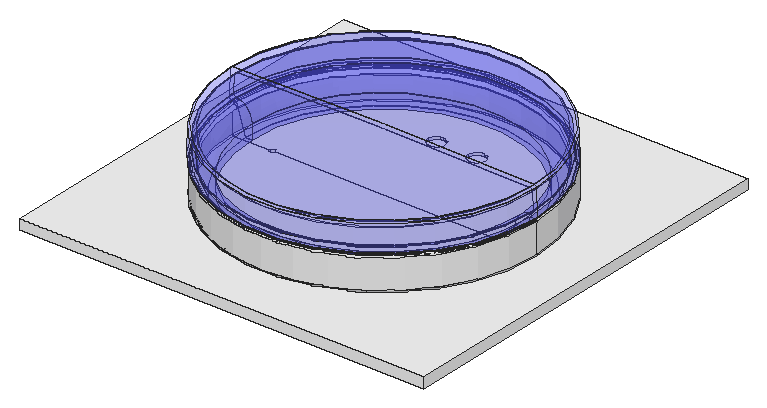
Revit family "BE_12131.1_de_DE", category Leuchten, Revit 2015
Parameters (values of type "BEGA_12131.1_K4")
  built-in parameter 1150104 = 11.113 (stored number, unit not read)
  Wattage = 26 W
  Default Elevation = 0 mm
  built-in parameter 1150113 = 1 (stored number, unit not read)
  built-in parameter 1114218 = 1 (stored number, unit not read)
  Umgebungstemperatur = ""
  URL = "http://www.bega.de/produkt/12131.1"
  Typenkommentare = "© 2017 BEGA. Wir behalten uns das Recht vor, technische Änderungen ohne vorherige Ankündigung vorzunehmen."  # constant formula
  built-in parameter 1150134 = 12
  built-in parameter 1150109 = 1 (stored number, unit not read)
  Strom = ""
  built-in parameter 1150110 = 1 (stored number, unit not read)
  Spannung = 239.996 V
  Sonderanfertigung = no
  Seriennummer [instance] = "Hier können Sie die eindeutige Seriennummer für das Facility Management eintragen."
  Schutzklasse = "I"
  Schutzart = "IP 65"
  Scheinlast = 0 VA
  Produktdatenblatt = "http://www.bega.de/download/Xrfa/db/12131.1.db.de.pdf"
  Oberflächentemperatur = ""
  Neigungswinkel = 0.00°
  Modell = "12131.1K4"
  Material_17 = BEGA_Reflektor
  Material_15 = BEGA_Leuchtmedium_matt
  Material_11 = BEGA_Glas_opal
  Material_09 = BEGA_Glas_klar
  Material_06 = BEGA_Oberfläche_Edelstahl_gebürstet
  Material_05 = BEGA_Oberfläche_Aluminium Guss
  Material_03 = BEGA_Oberfläche_Weiss_matt
  Material_02 = BEGA_Oberfläche_Silber_matt
  Material_01 [instance] = BEGA_Oberfläche_Grafit_matt
  M_W = no
  M_G = no
  M_A = no
  Logo = 0
  built-in parameter 1114217 = 1 (stored number, unit not read)
  built-in parameter 1150139 = (empty or 0)
  built-in parameter 1150105 = 247.5 (stored number, unit not read)
  built-in parameter 1150114 = 1 (stored number, unit not read)
  Lumens = 3110.12 lm
  built-in parameter 1150115 = 1 (stored number, unit not read)
  Leuchtenlichtstrom = "1702 lm"
  Leuchtenanzahl = ""
  Lebensdauerkriterien = "L70 = 50.000 h"
  Lastklassifizierung = Beleuchtung
  built-in parameter 1150112 = 1 (stored number, unit not read)
  Lampenlichtstrom = "3110 lm"
  Lampe = "LED 26 W"
  LED_Modulbezeichnung = "LED-0451/840 "
  Hersteller = "BEGA"  # constant formula
  Halbstreuwinkel = ""
  Gewicht = "6.2 kg"
  Gebrauchslageneinschränkung [instance] = ""
  Frequenz = "0/50-60 Hz"
  Farbwiedergabeindex = "Ra > 80"
  Farbtemperaturverschiebung bei Dämpfen der Lampe = <Keine Auswahl>
  Farbtemperatur = "4000 K"
  Color Filter = 16777215
  built-in parameter 1150133 = 10 (stored number, unit not read)
  Energieeffizienzklasse = "LED A++ - A"
  built-in parameter 1150137 = (empty or 0)
  built-in parameter 1150132 = (empty or 0)
  ENEC = "ja"
  Dimmbar [instance] = "DALI"
  Datei für fotometrisches Netz = "BE_12131K4.IES"
  CE_Konformität = "ja"
  Bestellnummer = "12131.1K4"
  Beschreibung_Sonderanfertigung = "Hier können Sie Informationen zur Sonderanfertigung eintragen."
  Beschreibung = "Decken- und Wandleuchte"
  built-in parameter 1150106 = 2.475 (stored number, unit not read)
  Befestigungsbohrung = "Ø 5,5 mm"
  Befestigungsabstand = "220 mm"
  Ballwurfsicher = ""
  BEGA_Intern_aus = yes
  BEGA_Intern_an = yes
  BEGA_Intern_Konstruktion = yes
  BEGA_Intern = yes
  BEGA_IES = yes
  BEGA_Dummy = no
  Anschlussleitung = ""
  Anschlussleistung [instance] = "31 W"
  Anschlusskasten = ""
  built-in parameter 1150107 = 4000 (stored number, unit not read)
  built-in parameter 1150102 = (empty or 0)
  built-in parameter 1150138 = (empty or 0)
  Aktualisierung = "2017-06-16T04:08:16"
  Abstand_zur_angestrahlten_Fläche [instance] = ""
  AC/DC = "AC/DC"
Types (2, lengths in mm): name | built-in parameter 1150104 | built-in parameter 1150134 | Modell | built-in parameter 1150105 | Lumens | Leuchtenlichtstrom | Lampenlichtstrom | LED_Modulbezeichnung | Farbtemperatur | Datei für fotometrisches Netz | Bestellnummer | built-in parameter 1150106 | built-in parameter 1150107
  BEGA_12131.1_K3 | 10.487 (stored number, unit not read) | (empty or 0) | "12131.1" | 233.55 (stored number, unit not read) | 2934.88 lm | "1607 lm" | "2935 lm" | "LED-0451/830 " | "3000 K" | "BE_12131.IES" | "12131.1" | 2.3355 (stored number, unit not read) | 3000 (stored number, unit not read)
  BEGA_12131.1_K4 | 11.113 (stored number, unit not read) | 12 | "12131.1K4" | 247.5 (stored number, unit not read) | 3110.12 lm | "1702 lm" | "3110 lm" | "LED-0451/840 " | "4000 K" | "BE_12131K4.IES" | "12131.1K4" | 2.475 (stored number, unit not read) | 4000 (stored number, unit not read)
Reference planes
  plane 1 "Mitte (Vorne/Hinten)": y = 0
  plane 2: z = 0
  plane 3 "Mitte (Links/Rechts)": x = 0
  plane 4 "Links": x = -152.499
  plane 5 "Rechts": x = 152.499
  plane 6 "Unten": y = -152.5
  plane 7 "Oben": y = 152.5
  plane 8 "Vorne": z = 66.498
  plane 9 "Hinten": z = 0
Forms (mm)
  Extrusion 1, solid, material "BEGA_Platte_Weiss"
    sketch origin (0, -1119.2, 0) x (1, 0, 0) y (0, 1, 0)
      loop
        line (-200, 1319.2) -> (-200, 919.2) -> (200, 919.2) -> (200, 1319.2) -> (-200, 1319.2)
    from 0 to -10
  Extrusion 2, solid, material "BEGA_Dummy_matt", visible <- "BEGA_Dummy"
    sketch origin (77.149, -76.023, 0) x (1, 0, 0) y (0, 1, 0)
      loop
        circle (-77.149, 76.023) r 152.499
    from 0 to 66.498
Dimensions and locks
  plane 1 "Mitte (Vorne/Hinten)" to Extrusion 1 = 200 mm
  aligned and locked: plane 2 to Extrusion 1
  aligned and locked: level to Extrusion 1
Nested families
  nested 1: "BE_12131.1" at (0, 0, 0), type "BE_12131.1"
Connectors
  electrical at (0, 0, 0), driven by "Lastklassifizierung", driven by "Spannung", driven by "Scheinlast"
    settings: index 1, voltage 239.996 V, apparent load 0 VA, apparent load phase1 0 VA, apparent load phase2 0 VA, apparent load phase3 0 VA, power factor 1, load classification "Beleuchtung", number of poles 1, system type 31, power factor state 1, is connector primary yes, connector utility no, sub classification motor no, connector description ""
Definition of nested family "BE_12131.1"
  Parameters (values of type "BE_12131.1")
    Default Elevation = 1 mm
    URL = "http://www.bega.de/de/produkt"
    Type Comments = "© 2015 BEGA. Wir behalten uns das Recht vor, technische Änderungen ohne vorherige Ankündigung vorzunehmen. "  # constant formula
    Type Image = (empty or 0)
    Neigungswinkel_um_Z2 = 0.00°
    Neigungswinkel_um_Z1 = 0.00°
    Neigungswinkel_um_Y2 = 0.00°
    Neigungswinkel_um_Y1 = 0.00°
    Neigungswinkel_um_X2 = 0.00°
    Neigungswinkel_um_X1 = 0.00°
    Material_17 = none
    Material_15 = none
    Material_11 = none
    Material_09 = none
    Material_06 = none
    Material_05 = none
    Material_03 = none
    Material_02 = none
    Material_01 = none
    M_W = yes
    M_G = yes
    M_A = yes
    Länge_Platte = 400 mm  # constant formula
    Höhe_Platte = -10 mm  # constant formula
    Manufacturer = "BEGA"  # constant formula
    Drehwinkel_um_Z2 = 0.00°
    Drehwinkel_um_Z1 = 0.00°
    Breite_Platte = 400 mm  # constant formula
  Reference planes
    plane 1 "Mitte (Oben/Unten)": y = 0
    plane 2: z = 0
    plane 3 "Mitte (Links/Rechts)": x = 0
    plane 4: x = -152.499
    plane 5: z = 66.498
    plane 6: x = 152.499
    plane 7: y = -152.5
    plane 8: y = 152.5
  Forms (mm)
    Extrusion 1, solid, detail levels medium
      sketch origin (0, 0, 0) x (1, 0, 0) y (0, 1, 0)
        loop
          line (-200, 200) -> (-200, -200) -> (200, -200) -> (200, 200) -> (-200, 200)
      from 0 to -10 <- "Höhe_Platte"
    Revolve 2, solid, material <- "Material_03", detail levels medium+fine
      sketch origin (0, 0, 0) x (1, 0, 0) y (0, 0, 1)
        loop
          arc (-151.35, 3.5) -> (-150.764, 2.086) -> (-149.35, 1.49) r 2
          line (-149.35, 1.49) -> (0, 1.49) -> (0, 3.5) -> (-149.15, 3.5)
          arc (-149.15, 3.5) -> (-149.857, 3.793) -> (-150.15, 4.5) r 1
          line (-150.15, 4.5) -> (-150.15, 33.002) -> (-145.799, 28.651) -> (-144.95, 29.499) -> (-149.043, 33.592)
          arc (-149.043, 33.592) -> (-149.482, 33.886) -> (-150, 33.99) r 1.35
          arc (-150, 33.99) -> (-150.953, 33.596) -> (-151.35, 32.645) r 1.35
          line (-151.35, 32.645) -> (-151.35, 3.5)
        axis (0, 1.49) -> (0, 33.99)
      angle from 0 to 360
    Revolve 3, solid, material <- "Material_03", detail levels medium+fine
      sketch origin (0, 0, 0) x (1, 0, 0) y (0, 0, 1)
        loop
          arc (-119.291, 0.446) -> (-118.533, 0.114) -> (-117.714, 0) r 3
          line (-117.714, 0) -> (-110, 0) -> (-110, 2.209) -> (-122.15, 2.209) -> (-119.291, 0.446)
        axis (-110, 0) -> (-110, 2.209)
      angle from 0 to 360
    Revolve 4, solid, material <- "Material_11", detail levels medium+fine
      sketch origin (0, 0, 0) x (1, 0, 0) y (0, 0, 1)
        loop
          arc (0, 66.498) -> (-74.821, 65.825) -> (-149.633, 64.54) r 9149.238
          arc (-149.633, 64.54) -> (-150.995, 63.965) -> (-151.589, 62.612) r 2
          line (-151.589, 62.612) -> (-152.499, 36.567)
          arc (-152.499, 36.567) -> (-151.938, 35.11) -> (-150.5, 34.5) r 2
          line (-150.5, 34.5) -> (-145, 34.5) -> (-136, 6) -> (-130, 6) -> (-130, 20.512)
          arc (-130, 20.512) -> (-134.491, 32.395) -> (-145.71, 38.354) r 18
          arc (-145.71, 38.354) -> (-147.612, 39.384) -> (-148.327, 41.426) r 3
          line (-148.327, 41.426) -> (-147.754, 57.545)
          arc (-147.754, 57.545) -> (-146.862, 59.577) -> (-144.818, 60.44) r 3
          arc (-144.818, 60.44) -> (-72.413, 61.655) -> (0, 62.297) r 9145.035
          line (0, 62.297) -> (0, 66.498)
        axis (0, 6) -> (0, 66.498)
      angle from 0 to 360
    Extrusion 5, void
      sketch origin (0, 0, 0) x (1, 0, 0) y (0, 1, 0)
        loop
          circle (-110, 0) r 2.75
        loop
          circle (110, 0) r 2.75
        loop
          circle (20, 90) r 8.507
        loop
          circle (-20, 90) r 8.507
      from 0 to 10
    Revolve 6, solid, material <- "Material_03", detail levels medium+fine
      sketch origin (0, 0, 0) x (-1, 0, 0) y (0, 0, -1)
        loop
          line (-119.291, -0.446) -> (-122.15, -2.209) -> (-110, -2.209) -> (-110, 0) -> (-117.714, 0)
          arc (-117.714, 0) -> (-118.533, -0.114) -> (-119.291, -0.446) r 3
        axis (-110, 0) -> (-110, -2.209)
      angle from 0 to 360
  Cuts and joins
    Extrusion 5 cuts Revolve 2
    Extrusion 5 cuts Revolve 3
    Extrusion 5 cuts Revolve 6
    joined: Revolve 2, Revolve 3, Revolve 6
  Dimensions and locks
    equal spacing: Extrusion 1 sketch curve, plane 3 "Mitte (Links/Rechts)", Extrusion 1 sketch curve
    equal spacing: Extrusion 1 sketch curve, plane 1 "Mitte (Oben/Unten)", Extrusion 1 sketch curve
    "Länge_Platte": Extrusion 1 sketch curve to Extrusion 1 sketch curve
    "Breite_Platte": Extrusion 1 sketch curve to Extrusion 1 sketch curve
    aligned and locked: Extrusion 1 to plane 2
    aligned and locked: level to Extrusion 1
  Automatic sketch dimensions
    Revolve 2 sketch curve to Revolve 2 sketch curve = 0 mm  (x9)
    Revolve 2 sketch curve to plane 3 "Mitte (Links/Rechts)" = 0 mm  (x2)
    Revolve 2 sketch curve to Revolve 2 sketch curve = 0.849 mm  (x2)
    Revolve 2 sketch curve to Revolve 2 sketch curve = 4.093 mm
    level to Revolve 2 sketch curve = 3.5 mm
    Revolve 2 sketch curve to Revolve 2 sketch curve = 0.2 mm
    Revolve 2 sketch curve to Revolve 2 sketch curve = 0.957 mm
    Revolve 2 sketch curve to Revolve 2 sketch curve = 0.15 mm  (x2)
    Revolve 2 sketch curve to Revolve 2 sketch curve = 1.2 mm
    level to Revolve 2 sketch curve = 1.49 mm
    Revolve 2 sketch curve to Revolve 2 sketch curve = 24.151 mm
    Revolve 2 sketch curve to Revolve 2 sketch curve = 3.989 mm
    Revolve 2 sketch curve to Revolve 2 sketch curve = 0.005 mm
    Revolve 2 sketch curve to Revolve 2 sketch curve = 0.362 mm
    Revolve 2 sketch curve to Revolve 2 sketch curve = 0.59 mm
    Revolve 2 sketch curve to level = 1.538 mm
    Revolve 2 sketch curve to Revolve 2 sketch curve = 1 mm
    Revolve 2 sketch curve to Revolve 2 sketch curve = 8.697 mm
    level to Revolve 3 sketch curve = 2.209 mm
    level to Revolve 3 sketch curve = 3 mm
    Revolve 3 sketch curve to Revolve 3 sketch curve = 4.435 mm
    Revolve 3 sketch curve to Revolve 3 sketch curve = 7.714 mm
    Revolve 3 sketch curve to level = 0 mm
    level to Revolve 3 sketch curve = 0.446 mm
    Revolve 3 sketch curve to Revolve 3 sketch curve = 1.577 mm
    Revolve 3 sketch curve to Revolve 3 sketch curve = 0.002 mm
    Revolve 3 sketch curve to Revolve 3 sketch curve = 0 mm
    Revolve 3 sketch curve to Revolve 3 sketch curve = 0.649 mm
    Revolve 3 sketch curve to Revolve 3 sketch curve = 0.587 mm
    Extrusion 5 sketch curve to plane 1 "Mitte (Oben/Unten)" = 0 mm  (x2)
    Extrusion 5 sketch curve to plane 3 "Mitte (Links/Rechts)" = 20 mm
    plane 3 "Mitte (Links/Rechts)" to Extrusion 5 sketch curve = 20 mm
    Extrusion 5 sketch curve to Extrusion 5 sketch curve = 0 mm
    Extrusion 5 sketch curve to Extrusion 5 sketch curve = 2.75 mm  (x2)
    level to Revolve 6 sketch curve = 2.209 mm
    level to Revolve 6 sketch curve = 3 mm
    Revolve 6 sketch curve to Revolve 6 sketch curve = 4.435 mm
    Revolve 6 sketch curve to Revolve 6 sketch curve = 7.714 mm
    Revolve 6 sketch curve to level = 0 mm
    level to Revolve 6 sketch curve = 0.446 mm
    Revolve 6 sketch curve to Revolve 6 sketch curve = 1.577 mm
    Revolve 6 sketch curve to Revolve 6 sketch curve = 0.002 mm
    Revolve 6 sketch curve to Revolve 6 sketch curve = 0 mm
    Revolve 6 sketch curve to Revolve 6 sketch curve = 0.587 mm
    Revolve 6 sketch curve to Revolve 6 sketch curve = 0.649 mm
    Revolve 4 sketch curve to plane 3 "Mitte (Links/Rechts)" = 0 mm  (x2)
    Revolve 4 sketch curve to Revolve 4 sketch curve = 0.328 mm
    Revolve 4 sketch curve to Revolve 4 sketch curve = 3 mm
    Revolve 4 sketch curve to Revolve 4 sketch curve = 2.998 mm  (x2)
    Revolve 4 sketch curve to Revolve 4 sketch curve = 4.835 mm
    Revolve 4 sketch curve to Revolve 4 sketch curve = 2.173 mm
    Revolve 4 sketch curve to Revolve 4 sketch curve = 1.999 mm  (x2)
    plane 3 "Mitte (Links/Rechts)" to Revolve 4 sketch curve = 44.83 mm
    Revolve 4 sketch curve to Revolve 4 sketch curve = 0.01 mm  (x2)
    Revolve 4 sketch curve to Revolve 4 sketch curve = 0.071 mm
    Revolve 4 sketch curve to Revolve 4 sketch curve = 5.1 mm
    Revolve 4 sketch curve to Revolve 4 sketch curve = 16.014 mm
    Revolve 4 sketch curve to Revolve 4 sketch curve = 0.097 mm
    Revolve 4 sketch curve to Revolve 4 sketch curve = 4.859 mm
    Revolve 4 sketch curve to Revolve 4 sketch curve = 0.067 mm
    Revolve 4 sketch curve to Revolve 4 sketch curve = 0 mm  (x7)
    Revolve 4 sketch curve to Revolve 4 sketch curve = 13.988 mm
    Revolve 4 sketch curve to Revolve 4 sketch curve = 14 mm
    level to Revolve 4 sketch curve = 6 mm
    Revolve 4 sketch curve to level = 9082.629 mm
    Revolve 4 sketch curve to Revolve 4 sketch curve = 0.002 mm
    Revolve 4 sketch curve to Revolve 4 sketch curve = 0.382 mm
    Revolve 4 sketch curve to Revolve 4 sketch curve = 11.5 mm
    plane 3 "Mitte (Links/Rechts)" to Extrusion 5 sketch curve = 110 mm
    plane 3 "Mitte (Links/Rechts)" to Revolve 6 sketch curve = 122.15 mm
    level to Revolve 2 sketch curve = 29.499 mm
    Revolve 2 sketch curve to plane 3 "Mitte (Links/Rechts)" = 144.95 mm
    Revolve 3 sketch curve to plane 3 "Mitte (Links/Rechts)" = 122.15 mm
    Revolve 4 sketch curve to plane 3 "Mitte (Links/Rechts)" = 130 mm
    Revolve 4 sketch curve to Revolve 4 sketch curve = 6 mm
    Revolve 4 sketch curve to Revolve 4 sketch curve = 14.756 mm
    Revolve 4 sketch curve to Revolve 4 sketch curve = 15 mm
    Extrusion 5 sketch curve to plane 3 "Mitte (Links/Rechts)" = 110 mm
    Revolve 4 sketch curve to Revolve 4 sketch curve = 14.5 mm
    level to Revolve 4 sketch curve = 62.297 mm
    Revolve 4 sketch curve to Revolve 4 sketch curve = 4.201 mm
    Extrusion 5 sketch curve to plane 1 "Mitte (Oben/Unten)" = 90 mm
    radius of Extrusion 5 sketch curve = 8.507 mm  (x2)
